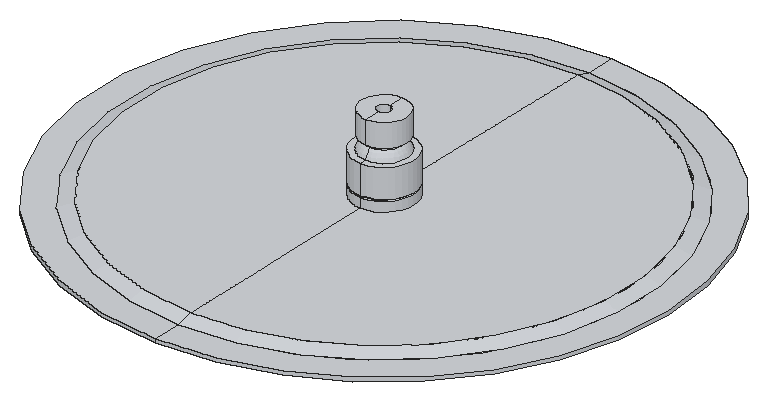
Revit family "BRG-GRF-DCH_ Briggs Reg. Red. Slim Inox Cr 30 cm", category Aparatos sanitarios, Revit 2020 (continued)
Definition of nested family "REJILLA"
  Forms (m)
    SweptBlend 111, solid
      end profile origin (-0.063, 0, -0.0445) x (-0.990268, 0.139173, 0) y (-0.139173, -0.990268, 0)
        loop
          circle (0, 0) r 0.0025
    SweptBlend 112, solid
      path origin (0.048509, 0.001347, 0) x (0.978148, 0.207912, 0) y (0, 0, 1)
        loop
          line (-0.110116, -0.047486) -> (-0.110116, -0.0445)
      profile origin (-0.059201, -0.021547, -0.047486) x (-0.978148, -0.207912, 0) y (0.207912, -0.978148, 0)
        loop
          circle (0, 0) r 0.0015
      end profile origin (-0.059201, -0.021547, -0.0445) x (-0.978148, -0.207912, 0) y (0.207912, -0.978148, 0)
        loop
          circle (0, 0) r 0.0025
    SweptBlend 113, solid
      path origin (0.045122, 0.017857, 0) x (0.848048, 0.529919, 0) y (0, 0, 1)
        loop
          line (-0.110116, -0.047486) -> (-0.110116, -0.0445)
      profile origin (-0.048261, -0.040496, -0.047486) x (-0.848048, -0.529919, 0) y (0.529919, -0.848048, 0)
        loop
          circle (0, 0) r 0.0015
      end profile origin (-0.048261, -0.040496, -0.0445) x (-0.848048, -0.529919, 0) y (0.529919, -0.848048, 0)
        loop
          circle (0, 0) r 0.0025
    SweptBlend 114, solid
      path origin (0.036294, 0.032213, 0) x (0.615661, 0.788011, 0) y (0, 0, 1)
        loop
          line (-0.110116, -0.047486) -> (-0.110116, -0.0445)
      profile origin (-0.0315, -0.05456, -0.047486) x (-0.615661, -0.788011, 0) y (0.788011, -0.615661, 0)
        loop
          circle (0, 0) r 0.0015
      end profile origin (-0.0315, -0.05456, -0.0445) x (-0.615661, -0.788011, 0) y (0.788011, -0.615661, 0)
        loop
          circle (0, 0) r 0.0025
    SweptBlend 115, solid
      path origin (0.023088, 0.042683, 0) x (0.309017, 0.951057, 0) y (0, 0, 1)
        loop
          line (-0.110116, -0.047486) -> (-0.110116, -0.0445)
      profile origin (-0.01094, -0.062043, -0.047486) x (-0.309017, -0.951057, 0) y (0.951057, -0.309017, 0)
        loop
          circle (0, 0) r 0.0015
      end profile origin (-0.01094, -0.062043, -0.0445) x (-0.309017, -0.951057, 0) y (0.951057, -0.309017, 0)
        loop
          circle (0, 0) r 0.0025
    SweptBlend 116, solid
      path origin (0.007097, 0.048006, 0) x (-0.034899, 0.999391, 0) y (0, 0, 1)
        loop
          line (-0.110116, -0.047486) -> (-0.110116, -0.0445)
      profile origin (0.01094, -0.062043, -0.047486) x (0.034899, -0.999391, 0) y (0.999391, 0.034899, 0)
        loop
          circle (0, 0) r 0.0015
      end profile origin (0.01094, -0.062043, -0.0445) x (0.034899, -0.999391, 0) y (0.999391, 0.034899, 0)
        loop
          circle (0, 0) r 0.0025
    SweptBlend 117, solid
      path origin (-0.00975, 0.047538, 0) x (-0.374607, 0.927184, 0) y (0, 0, 1)
        loop
          line (-0.110116, -0.047486) -> (-0.110116, -0.0445)
      profile origin (0.0315, -0.05456, -0.047486) x (0.374607, -0.927184, 0) y (0.927184, 0.374607, 0)
        loop
          circle (0, 0) r 0.0015
      end profile origin (0.0315, -0.05456, -0.0445) x (0.374607, -0.927184, 0) y (0.927184, 0.374607, 0)
        loop
          circle (0, 0) r 0.0025
    SweptBlend 118, solid
      path origin (-0.025421, 0.041336, 0) x (-0.669131, 0.743145, 0) y (0, 0, 1)
        loop
          line (-0.110116, -0.047486) -> (-0.110116, -0.0445)
      profile origin (0.048261, -0.040496, -0.047486) x (0.669131, -0.743145, 0) y (0.743145, 0.669131, 0)
        loop
          circle (0, 0) r 0.0015
      end profile origin (0.048261, -0.040496, -0.0445) x (0.669131, -0.743145, 0) y (0.743145, 0.669131, 0)
        loop
          circle (0, 0) r 0.0025
    SweptBlend 119, solid
      path origin (-0.038026, 0.030149, 0) x (-0.882948, 0.469472, 0) y (0, 0, 1)
        loop
          line (-0.110116, -0.047486) -> (-0.110116, -0.0445)
      profile origin (0.059201, -0.021547, -0.047486) x (0.882948, -0.469472, 0) y (0.469472, 0.882948, 0)
        loop
          circle (0, 0) r 0.0015
      end profile origin (0.059201, -0.021547, -0.0445) x (0.882948, -0.469472, 0) y (0.469472, 0.882948, 0)
        loop
          circle (0, 0) r 0.0025
    SweptBlend 120, solid
      path origin (-0.046044, 0.015325, 0) x (-0.990268, 0.139173, 0) y (0, 0, 1)
        loop
          line (-0.110116, -0.047486) -> (-0.110116, -0.0445)
      profile origin (0.063, 0, -0.047486) x (0.990268, -0.139173, 0) y (0.139173, 0.990268, 0)
        loop
          circle (0, 0) r 0.0015
      end profile origin (0.063, 0, -0.0445) x (0.990268, -0.139173, 0) y (0.139173, 0.990268, 0)
        loop
          circle (0, 0) r 0.0025
    SweptBlend 121, solid
      path origin (-0.048509, -0.001347, 0) x (-0.978148, -0.207912, 0) y (0, 0, 1)
        loop
          line (-0.110116, -0.047486) -> (-0.110116, -0.0445)
      profile origin (0.059201, 0.021547, -0.047486) x (0.978148, 0.207912, 0) y (-0.207912, 0.978148, 0)
        loop
          circle (0, 0) r 0.0015
      end profile origin (0.059201, 0.021547, -0.0445) x (0.978148, 0.207912, 0) y (-0.207912, 0.978148, 0)
        loop
          circle (0, 0) r 0.0025
    SweptBlend 122, solid
      path origin (-0.045122, -0.017857, 0) x (-0.848048, -0.529919, 0) y (0, 0, 1)
        loop
          line (-0.110116, -0.047486) -> (-0.110116, -0.0445)
      profile origin (0.048261, 0.040496, -0.047486) x (0.848048, 0.529919, 0) y (-0.529919, 0.848048, 0)
        loop
          circle (0, 0) r 0.0015
      end profile origin (0.048261, 0.040496, -0.0445) x (0.848048, 0.529919, 0) y (-0.529919, 0.848048, 0)
        loop
          circle (0, 0) r 0.0025
    SweptBlend 123, solid
      path origin (-0.084709, -0.022894, 0) x (-0.978148, -0.207912, 0) y (0, 0, 1)
        loop
          line (-0.110116, -0.047486) -> (-0.110116, -0.0445)
      profile origin (0.023, 0, -0.047486) x (0.978148, 0.207912, 0) y (-0.207912, 0.978148, 0)
        loop
          circle (0, 0) r 0.0015
      end profile origin (0.023, 0, -0.0445) x (0.978148, 0.207912, 0) y (-0.207912, 0.978148, 0)
        loop
          circle (0, 0) r 0.0025
    SweptBlend 124, solid
      path origin (0.062182, -0.061913, 0) x (0.669131, -0.743145, 0) y (0, 0, 1)
        loop
          line (-0.110116, -0.047486) -> (-0.110116, -0.0445)
      profile origin (-0.0115, 0.019919, -0.047486) x (-0.669131, 0.743145, 0) y (-0.743145, -0.669131, 0)
        loop
          circle (0, 0) r 0.0015
      end profile origin (-0.0115, 0.019919, -0.0445) x (-0.669131, 0.743145, 0) y (-0.743145, -0.669131, 0)
        loop
          circle (0, 0) r 0.0025
    SweptBlend 125, solid
      path origin (0.084709, 0.022894, 0) x (0.978148, 0.207912, 0) y (0, 0, 1)
        loop
          line (-0.110116, -0.047486) -> (-0.110116, -0.0445)
      profile origin (-0.023, 0, -0.047486) x (-0.978148, -0.207912, 0) y (0.207912, -0.978148, 0)
        loop
          circle (0, 0) r 0.0015
      end profile origin (-0.023, 0, -0.0445) x (-0.978148, -0.207912, 0) y (0.207912, -0.978148, 0)
        loop
          circle (0, 0) r 0.0025
    SweptBlend 126, solid
      path origin (0.022528, 0.084808, 0) x (0.309017, 0.951057, 0) y (0, 0, 1)
        loop
          line (-0.110116, -0.047486) -> (-0.110116, -0.0445)
      profile origin (-0.0115, -0.019919, -0.047486) x (-0.309017, -0.951057, 0) y (0.951057, -0.309017, 0)
        loop
          circle (0, 0) r 0.0015
      end profile origin (-0.0115, -0.019919, -0.0445) x (-0.309017, -0.951057, 0) y (0.951057, -0.309017, 0)
        loop
          circle (0, 0) r 0.0025
    SweptBlend 127, solid
      path origin (-0.062182, 0.061913, 0) x (-0.669131, 0.743145, 0) y (0, 0, 1)
        loop
          line (-0.110116, -0.047486) -> (-0.110116, -0.0445)
      profile origin (0.0115, -0.019919, -0.047486) x (0.669131, -0.743145, 0) y (0.743145, 0.669131, 0)
        loop
          circle (0, 0) r 0.0015
      end profile origin (0.0115, -0.019919, -0.0445) x (0.669131, -0.743145, 0) y (0.743145, 0.669131, 0)
        loop
          circle (0, 0) r 0.0025
  Dimensions and locks (m)
    plane 4 "_Alt_Altura de Meson" to level = 0.85 m
    "_ALT_Toma": plane 6 "_RP_Eje" to plane 2
    "_ALT_Meson": plane 4 "_Alt_Altura de Meson" to plane 2
    aligned and locked: level to plane 2
  Automatic sketch dimensions
    SweptBlend 3 sketch curve to SweptBlend 3 sketch curve = 0.002986 m
    SweptBlend 3 sketch curve to profile plane = 0.00 m  (x4)
    SweptBlend 4 sketch curve to SweptBlend 4 sketch curve = 0.002986 m
    SweptBlend 4 sketch curve to profile plane = 0.00 m  (x4)
    SweptBlend 5 sketch curve to SweptBlend 5 sketch curve = 0.002986 m
    SweptBlend 5 sketch curve to profile plane = 0.00 m  (x4)
    SweptBlend 6 sketch curve to SweptBlend 6 sketch curve = 0.002986 m
    SweptBlend 6 sketch curve to profile plane = 0.00 m  (x4)
    SweptBlend 7 sketch curve to SweptBlend 7 sketch curve = 0.002986 m
    SweptBlend 7 sketch curve to profile plane = 0.00 m  (x4)
    SweptBlend 8 sketch curve to SweptBlend 8 sketch curve = 0.002986 m
    SweptBlend 8 sketch curve to profile plane = 0.00 m  (x4)
    SweptBlend 9 sketch curve to SweptBlend 9 sketch curve = 0.002986 m
    SweptBlend 9 sketch curve to profile plane = 0.00 m  (x4)
    SweptBlend 10 sketch curve to SweptBlend 10 sketch curve = 0.002986 m
    SweptBlend 10 sketch curve to profile plane = 0.00 m  (x4)
    SweptBlend 11 sketch curve to SweptBlend 11 sketch curve = 0.002986 m
    SweptBlend 11 sketch curve to profile plane = 0.00 m  (x4)
    SweptBlend 12 sketch curve to SweptBlend 12 sketch curve = 0.002986 m
    SweptBlend 12 sketch curve to profile plane = 0.00 m  (x4)
    SweptBlend 13 sketch curve to SweptBlend 13 sketch curve = 0.002986 m
    SweptBlend 13 sketch curve to profile plane = 0.00 m  (x4)
    SweptBlend 14 sketch curve to SweptBlend 14 sketch curve = 0.002986 m
    SweptBlend 14 sketch curve to profile plane = 0.00 m  (x4)
    SweptBlend 15 sketch curve to SweptBlend 15 sketch curve = 0.002986 m
    SweptBlend 15 sketch curve to profile plane = 0.00 m  (x4)
    SweptBlend 16 sketch curve to SweptBlend 16 sketch curve = 0.002986 m
    SweptBlend 16 sketch curve to profile plane = 0.00 m  (x4)
    SweptBlend 17 sketch curve to SweptBlend 17 sketch curve = 0.002986 m
    SweptBlend 17 sketch curve to profile plane = 0.00 m  (x4)
    SweptBlend 18 sketch curve to SweptBlend 18 sketch curve = 0.002986 m
    SweptBlend 18 sketch curve to profile plane = 0.00 m  (x4)
    SweptBlend 19 sketch curve to SweptBlend 19 sketch curve = 0.002986 m
    SweptBlend 19 sketch curve to profile plane = 0.00 m  (x4)
    SweptBlend 20 sketch curve to SweptBlend 20 sketch curve = 0.002986 m
    SweptBlend 20 sketch curve to profile plane = 0.00 m  (x4)
    SweptBlend 21 sketch curve to SweptBlend 21 sketch curve = 0.002986 m
    SweptBlend 21 sketch curve to profile plane = 0.00 m  (x4)
    SweptBlend 22 sketch curve to SweptBlend 22 sketch curve = 0.002986 m
    SweptBlend 22 sketch curve to profile plane = 0.00 m  (x4)
    SweptBlend 23 sketch curve to SweptBlend 23 sketch curve = 0.002986 m
    SweptBlend 23 sketch curve to profile plane = 0.00 m  (x4)
    SweptBlend 24 sketch curve to SweptBlend 24 sketch curve = 0.002986 m
    SweptBlend 24 sketch curve to profile plane = 0.00 m  (x4)
    SweptBlend 25 sketch curve to SweptBlend 25 sketch curve = 0.002986 m
    SweptBlend 25 sketch curve to profile plane = 0.00 m  (x4)
    SweptBlend 26 sketch curve to SweptBlend 26 sketch curve = 0.002986 m
    SweptBlend 26 sketch curve to profile plane = 0.00 m  (x4)
    SweptBlend 27 sketch curve to SweptBlend 27 sketch curve = 0.002986 m
    SweptBlend 27 sketch curve to profile plane = 0.00 m  (x4)
    SweptBlend 28 sketch curve to SweptBlend 28 sketch curve = 0.002986 m
    SweptBlend 28 sketch curve to profile plane = 0.00 m  (x4)
    SweptBlend 29 sketch curve to SweptBlend 29 sketch curve = 0.002986 m
    SweptBlend 29 sketch curve to profile plane = 0.00 m  (x4)
    SweptBlend 30 sketch curve to SweptBlend 30 sketch curve = 0.002986 m
    SweptBlend 30 sketch curve to profile plane = 0.00 m  (x4)
    SweptBlend 31 sketch curve to SweptBlend 31 sketch curve = 0.002986 m
    SweptBlend 31 sketch curve to profile plane = 0.00 m  (x4)
    SweptBlend 32 sketch curve to SweptBlend 32 sketch curve = 0.002986 m
    SweptBlend 32 sketch curve to profile plane = 0.00 m  (x4)
    SweptBlend 33 sketch curve to SweptBlend 33 sketch curve = 0.002986 m
    SweptBlend 33 sketch curve to profile plane = 0.00 m  (x4)
    SweptBlend 34 sketch curve to SweptBlend 34 sketch curve = 0.002986 m
    SweptBlend 34 sketch curve to profile plane = 0.00 m  (x4)
    SweptBlend 35 sketch curve to SweptBlend 35 sketch curve = 0.002986 m
    SweptBlend 35 sketch curve to profile plane = 0.00 m  (x4)
    SweptBlend 36 sketch curve to SweptBlend 36 sketch curve = 0.002986 m
    SweptBlend 36 sketch curve to profile plane = 0.00 m  (x4)
    SweptBlend 37 sketch curve to SweptBlend 37 sketch curve = 0.002986 m
    SweptBlend 37 sketch curve to profile plane = 0.00 m  (x4)
    SweptBlend 38 sketch curve to SweptBlend 38 sketch curve = 0.002986 m
    profile plane to SweptBlend 38 sketch curve = 0.00 m  (x2)
    SweptBlend 38 sketch curve to profile plane = 0.00 m  (x2)
    SweptBlend 39 sketch curve to SweptBlend 39 sketch curve = 0.002986 m
    profile plane to SweptBlend 39 sketch curve = 0.00 m  (x2)
    SweptBlend 39 sketch curve to profile plane = 0.00 m  (x2)
    SweptBlend 40 sketch curve to SweptBlend 40 sketch curve = 0.002986 m
    profile plane to SweptBlend 40 sketch curve = 0.00 m  (x2)
    SweptBlend 40 sketch curve to profile plane = 0.00 m  (x2)
    SweptBlend 41 sketch curve to SweptBlend 41 sketch curve = 0.002986 m
    profile plane to SweptBlend 41 sketch curve = 0.00 m  (x2)
    SweptBlend 41 sketch curve to profile plane = 0.00 m  (x2)
    SweptBlend 42 sketch curve to SweptBlend 42 sketch curve = 0.002986 m
    profile plane to SweptBlend 42 sketch curve = 0.00 m  (x2)
    SweptBlend 42 sketch curve to profile plane = 0.00 m  (x2)
    SweptBlend 43 sketch curve to SweptBlend 43 sketch curve = 0.002986 m
    profile plane to SweptBlend 43 sketch curve = 0.00 m  (x2)
    SweptBlend 43 sketch curve to profile plane = 0.00 m  (x2)
    SweptBlend 44 sketch curve to SweptBlend 44 sketch curve = 0.002986 m
    profile plane to SweptBlend 44 sketch curve = 0.00 m  (x2)
    SweptBlend 44 sketch curve to profile plane = 0.00 m  (x2)
    SweptBlend 45 sketch curve to SweptBlend 45 sketch curve = 0.002986 m
    profile plane to SweptBlend 45 sketch curve = 0.00 m  (x2)
    SweptBlend 45 sketch curve to profile plane = 0.00 m  (x2)
    SweptBlend 46 sketch curve to SweptBlend 46 sketch curve = 0.002986 m
    profile plane to SweptBlend 46 sketch curve = 0.00 m  (x2)
    SweptBlend 46 sketch curve to profile plane = 0.00 m  (x2)
    SweptBlend 47 sketch curve to SweptBlend 47 sketch curve = 0.002986 m
    profile plane to SweptBlend 47 sketch curve = 0.00 m  (x2)
    SweptBlend 47 sketch curve to profile plane = 0.00 m  (x2)
    SweptBlend 48 sketch curve to SweptBlend 48 sketch curve = 0.002986 m
    profile plane to SweptBlend 48 sketch curve = 0.00 m  (x2)
    SweptBlend 48 sketch curve to profile plane = 0.00 m  (x2)
    SweptBlend 49 sketch curve to SweptBlend 49 sketch curve = 0.002986 m
    profile plane to SweptBlend 49 sketch curve = 0.00 m  (x2)
    SweptBlend 49 sketch curve to profile plane = 0.00 m  (x2)
    SweptBlend 50 sketch curve to SweptBlend 50 sketch curve = 0.002986 m
    profile plane to SweptBlend 50 sketch curve = 0.00 m  (x2)
    SweptBlend 50 sketch curve to profile plane = 0.00 m  (x2)
    SweptBlend 51 sketch curve to SweptBlend 51 sketch curve = 0.002986 m
    profile plane to SweptBlend 51 sketch curve = 0.00 m  (x2)
    SweptBlend 51 sketch curve to profile plane = 0.00 m  (x2)
    SweptBlend 52 sketch curve to SweptBlend 52 sketch curve = 0.002986 m
    profile plane to SweptBlend 52 sketch curve = 0.00 m  (x2)
    SweptBlend 52 sketch curve to profile plane = 0.00 m  (x2)
    SweptBlend 53 sketch curve to SweptBlend 53 sketch curve = 0.002986 m
    profile plane to SweptBlend 53 sketch curve = 0.00 m  (x2)
    SweptBlend 53 sketch curve to profile plane = 0.00 m  (x2)
    SweptBlend 54 sketch curve to SweptBlend 54 sketch curve = 0.002986 m
    profile plane to SweptBlend 54 sketch curve = 0.00 m  (x2)
    SweptBlend 54 sketch curve to profile plane = 0.00 m  (x2)
    SweptBlend 55 sketch curve to SweptBlend 55 sketch curve = 0.002986 m
    profile plane to SweptBlend 55 sketch curve = 0.00 m  (x2)
    SweptBlend 55 sketch curve to profile plane = 0.00 m  (x2)
    SweptBlend 56 sketch curve to SweptBlend 56 sketch curve = 0.002986 m
    profile plane to SweptBlend 56 sketch curve = 0.00 m  (x2)
    SweptBlend 56 sketch curve to profile plane = 0.00 m  (x2)
    SweptBlend 57 sketch curve to SweptBlend 57 sketch curve = 0.002986 m
    profile plane to SweptBlend 57 sketch curve = 0.00 m  (x2)
    SweptBlend 57 sketch curve to profile plane = 0.00 m  (x2)
    SweptBlend 58 sketch curve to SweptBlend 58 sketch curve = 0.002986 m
    profile plane to SweptBlend 58 sketch curve = 0.00 m  (x2)
    SweptBlend 58 sketch curve to profile plane = 0.00 m  (x2)
    SweptBlend 59 sketch curve to SweptBlend 59 sketch curve = 0.002986 m
    profile plane to SweptBlend 59 sketch curve = 0.00 m  (x2)
    SweptBlend 59 sketch curve to profile plane = 0.00 m  (x2)
    SweptBlend 60 sketch curve to SweptBlend 60 sketch curve = 0.002986 m
    profile plane to SweptBlend 60 sketch curve = 0.00 m  (x2)
    SweptBlend 60 sketch curve to profile plane = 0.00 m  (x2)
    SweptBlend 61 sketch curve to SweptBlend 61 sketch curve = 0.002986 m
    profile plane to SweptBlend 61 sketch curve = 0.00 m  (x2)
    SweptBlend 61 sketch curve to profile plane = 0.00 m  (x2)
    SweptBlend 62 sketch curve to SweptBlend 62 sketch curve = 0.002986 m
    profile plane to SweptBlend 62 sketch curve = 0.00 m  (x2)
    SweptBlend 62 sketch curve to profile plane = 0.00 m  (x2)
    SweptBlend 63 sketch curve to SweptBlend 63 sketch curve = 0.002986 m
    profile plane to SweptBlend 63 sketch curve = 0.00 m  (x2)
    SweptBlend 63 sketch curve to profile plane = 0.00 m  (x2)
    SweptBlend 64 sketch curve to SweptBlend 64 sketch curve = 0.002986 m
    profile plane to SweptBlend 64 sketch curve = 0.00 m  (x2)
    SweptBlend 64 sketch curve to profile plane = 0.00 m  (x2)
    SweptBlend 65 sketch curve to SweptBlend 65 sketch curve = 0.002986 m
    profile plane to SweptBlend 65 sketch curve = 0.00 m  (x2)
    SweptBlend 65 sketch curve to profile plane = 0.00 m  (x2)
    SweptBlend 66 sketch curve to SweptBlend 66 sketch curve = 0.002986 m
    profile plane to SweptBlend 66 sketch curve = 0.00 m  (x2)
    SweptBlend 66 sketch curve to profile plane = 0.00 m  (x2)
    SweptBlend 67 sketch curve to SweptBlend 67 sketch curve = 0.002986 m
    profile plane to SweptBlend 67 sketch curve = 0.00 m  (x2)
    SweptBlend 67 sketch curve to profile plane = 0.00 m  (x2)
    SweptBlend 68 sketch curve to SweptBlend 68 sketch curve = 0.002986 m
    profile plane to SweptBlend 68 sketch curve = 0.00 m  (x2)
    SweptBlend 68 sketch curve to profile plane = 0.00 m  (x2)
    SweptBlend 69 sketch curve to SweptBlend 69 sketch curve = 0.002986 m
    profile plane to SweptBlend 69 sketch curve = 0.00 m  (x2)
    SweptBlend 69 sketch curve to profile plane = 0.00 m  (x2)
    SweptBlend 70 sketch curve to SweptBlend 70 sketch curve = 0.002986 m
    profile plane to SweptBlend 70 sketch curve = 0.00 m  (x2)
    SweptBlend 70 sketch curve to profile plane = 0.00 m  (x2)
    SweptBlend 71 sketch curve to SweptBlend 71 sketch curve = 0.002986 m
    profile plane to SweptBlend 71 sketch curve = 0.00 m  (x2)
    SweptBlend 71 sketch curve to profile plane = 0.00 m  (x2)
    SweptBlend 72 sketch curve to SweptBlend 72 sketch curve = 0.002986 m
    profile plane to SweptBlend 72 sketch curve = 0.00 m  (x2)
    SweptBlend 72 sketch curve to profile plane = 0.00 m  (x2)
    SweptBlend 73 sketch curve to SweptBlend 73 sketch curve = 0.002986 m
    profile plane to SweptBlend 73 sketch curve = 0.00 m  (x2)
    SweptBlend 73 sketch curve to profile plane = 0.00 m  (x2)
    Revolve 1 sketch curve to plane 1 "Centro (Frontal/Posterior)" = 0.00 m  (x3)
    Revolve 1 sketch curve to level = 0.00 m
    Revolve 1 sketch curve to plane 1 "Centro (Frontal/Posterior)" = 0.0035 m
    Revolve 1 sketch curve to Revolve 1 sketch curve = 0.00575 m
    Revolve 1 sketch curve to Revolve 1 sketch curve = 0.0025 m
    Revolve 1 sketch curve to Revolve 1 sketch curve = 0.00275 m
    Revolve 1 sketch curve to plane 1 "Centro (Frontal/Posterior)" = 0.014314 m
    Revolve 1 sketch curve to Revolve 1 sketch curve = 0.001186 m  (x2)
    Revolve 1 sketch curve to level = 0.04 m
    Revolve 1 sketch curve to Revolve 1 sketch curve = 0.112 m
    Revolve 1 sketch curve to level = 0.0425 m
    Revolve 1 sketch curve to Revolve 1 sketch curve = 0.0075 m
    Revolve 1 sketch curve to Revolve 1 sketch curve = 0.015 m  (x2)
    Revolve 1 sketch curve to Revolve 1 sketch curve = 0.0045 m
    Revolve 1 sketch curve to Revolve 1 sketch curve = 0.005 m
    Revolve 1 sketch curve to Revolve 1 sketch curve = 0.001 m
    Revolve 1 sketch curve to Revolve 1 sketch curve = 0.0115 m
    Revolve 1 sketch curve to Revolve 1 sketch curve = 0.002092 m
    Revolve 1 sketch curve to level = 0.005 m
    level to Revolve 1 sketch curve = 0.115 m
    Revolve 1 sketch curve to Revolve 1 sketch curve = 0.05 m
    SweptBlend 2 sketch curve to level = 0.0445 m
    SweptBlend 2 sketch curve to SweptBlend 2 sketch curve = 0.002986 m
    profile plane to SweptBlend 2 sketch curve = 0.00 m  (x2)
    SweptBlend 2 sketch curve to profile plane = 0.00 m  (x2)
    SweptBlend 74 sketch curve to SweptBlend 74 sketch curve = 0.002986 m
    profile plane to SweptBlend 74 sketch curve = 0.00 m  (x2)
    SweptBlend 74 sketch curve to profile plane = 0.00 m  (x2)
    SweptBlend 75 sketch curve to SweptBlend 75 sketch curve = 0.002986 m
    profile plane to SweptBlend 75 sketch curve = 0.00 m  (x2)
    SweptBlend 75 sketch curve to profile plane = 0.00 m  (x2)
    SweptBlend 76 sketch curve to SweptBlend 76 sketch curve = 0.002986 m
    profile plane to SweptBlend 76 sketch curve = 0.00 m  (x2)
    SweptBlend 76 sketch curve to profile plane = 0.00 m  (x2)
    SweptBlend 77 sketch curve to SweptBlend 77 sketch curve = 0.002986 m
    profile plane to SweptBlend 77 sketch curve = 0.00 m  (x2)
    SweptBlend 77 sketch curve to profile plane = 0.00 m  (x2)
    SweptBlend 78 sketch curve to SweptBlend 78 sketch curve = 0.002986 m
    profile plane to SweptBlend 78 sketch curve = 0.00 m  (x2)
    SweptBlend 78 sketch curve to profile plane = 0.00 m  (x2)
    SweptBlend 79 sketch curve to SweptBlend 79 sketch curve = 0.002986 m
    profile plane to SweptBlend 79 sketch curve = 0.00 m  (x2)
    SweptBlend 79 sketch curve to profile plane = 0.00 m  (x2)
    SweptBlend 80 sketch curve to SweptBlend 80 sketch curve = 0.002986 m
    profile plane to SweptBlend 80 sketch curve = 0.00 m  (x2)
    SweptBlend 80 sketch curve to profile plane = 0.00 m  (x2)
    SweptBlend 81 sketch curve to SweptBlend 81 sketch curve = 0.002986 m
    profile plane to SweptBlend 81 sketch curve = 0.00 m  (x2)
    SweptBlend 81 sketch curve to profile plane = 0.00 m  (x2)
    SweptBlend 82 sketch curve to SweptBlend 82 sketch curve = 0.002986 m
    profile plane to SweptBlend 82 sketch curve = 0.00 m  (x2)
    SweptBlend 82 sketch curve to profile plane = 0.00 m  (x2)
    SweptBlend 83 sketch curve to SweptBlend 83 sketch curve = 0.002986 m
    profile plane to SweptBlend 83 sketch curve = 0.00 m  (x2)
    SweptBlend 83 sketch curve to profile plane = 0.00 m  (x2)
    SweptBlend 84 sketch curve to SweptBlend 84 sketch curve = 0.002986 m
    profile plane to SweptBlend 84 sketch curve = 0.00 m  (x2)
    SweptBlend 84 sketch curve to profile plane = 0.00 m  (x2)
    SweptBlend 85 sketch curve to SweptBlend 85 sketch curve = 0.002986 m
    profile plane to SweptBlend 85 sketch curve = 0.00 m  (x2)
    SweptBlend 85 sketch curve to profile plane = 0.00 m  (x2)
    SweptBlend 86 sketch curve to SweptBlend 86 sketch curve = 0.002986 m
    profile plane to SweptBlend 86 sketch curve = 0.00 m  (x2)
    SweptBlend 86 sketch curve to profile plane = 0.00 m  (x2)
    SweptBlend 87 sketch curve to SweptBlend 87 sketch curve = 0.002986 m
    profile plane to SweptBlend 87 sketch curve = 0.00 m  (x2)
    SweptBlend 87 sketch curve to profile plane = 0.00 m  (x2)
    SweptBlend 88 sketch curve to SweptBlend 88 sketch curve = 0.002986 m
    profile plane to SweptBlend 88 sketch curve = 0.00 m  (x2)
    SweptBlend 88 sketch curve to profile plane = 0.00 m  (x2)
    SweptBlend 89 sketch curve to SweptBlend 89 sketch curve = 0.002986 m
    profile plane to SweptBlend 89 sketch curve = 0.00 m  (x2)
    SweptBlend 89 sketch curve to profile plane = 0.00 m  (x2)
    SweptBlend 90 sketch curve to SweptBlend 90 sketch curve = 0.002986 m
    profile plane to SweptBlend 90 sketch curve = 0.00 m  (x2)
    SweptBlend 90 sketch curve to profile plane = 0.00 m  (x2)
    SweptBlend 91 sketch curve to SweptBlend 91 sketch curve = 0.002986 m
    profile plane to SweptBlend 91 sketch curve = 0.00 m  (x2)
    SweptBlend 91 sketch curve to profile plane = 0.00 m  (x2)
    SweptBlend 92 sketch curve to SweptBlend 92 sketch curve = 0.002986 m
    profile plane to SweptBlend 92 sketch curve = 0.00 m  (x2)
    SweptBlend 92 sketch curve to profile plane = 0.00 m  (x2)
    SweptBlend 93 sketch curve to SweptBlend 93 sketch curve = 0.002986 m
    profile plane to SweptBlend 93 sketch curve = 0.00 m  (x2)
    SweptBlend 93 sketch curve to profile plane = 0.00 m  (x2)
    SweptBlend 94 sketch curve to SweptBlend 94 sketch curve = 0.002986 m
    profile plane to SweptBlend 94 sketch curve = 0.00 m  (x2)
    SweptBlend 94 sketch curve to profile plane = 0.00 m  (x2)
    SweptBlend 95 sketch curve to SweptBlend 95 sketch curve = 0.002986 m
    profile plane to SweptBlend 95 sketch curve = 0.00 m  (x2)
    SweptBlend 95 sketch curve to profile plane = 0.00 m  (x2)
    SweptBlend 96 sketch curve to SweptBlend 96 sketch curve = 0.002986 m
    profile plane to SweptBlend 96 sketch curve = 0.00 m  (x2)
    SweptBlend 96 sketch curve to profile plane = 0.00 m  (x2)
    SweptBlend 97 sketch curve to SweptBlend 97 sketch curve = 0.002986 m
    profile plane to SweptBlend 97 sketch curve = 0.00 m  (x2)
    SweptBlend 97 sketch curve to profile plane = 0.00 m  (x2)
    SweptBlend 98 sketch curve to SweptBlend 98 sketch curve = 0.002986 m
    profile plane to SweptBlend 98 sketch curve = 0.00 m  (x2)
    SweptBlend 98 sketch curve to profile plane = 0.00 m  (x2)
    SweptBlend 99 sketch curve to SweptBlend 99 sketch curve = 0.002986 m
    profile plane to SweptBlend 99 sketch curve = 0.00 m  (x2)
    SweptBlend 99 sketch curve to profile plane = 0.00 m  (x2)
    SweptBlend 100 sketch curve to SweptBlend 100 sketch curve = 0.002986 m
    profile plane to SweptBlend 100 sketch curve = 0.00 m  (x2)
    SweptBlend 100 sketch curve to profile plane = 0.00 m  (x2)
    SweptBlend 101 sketch curve to SweptBlend 101 sketch curve = 0.002986 m
    profile plane to SweptBlend 101 sketch curve = 0.00 m  (x2)
    SweptBlend 101 sketch curve to profile plane = 0.00 m  (x2)
    SweptBlend 102 sketch curve to SweptBlend 102 sketch curve = 0.002986 m
    profile plane to SweptBlend 102 sketch curve = 0.00 m  (x2)
    SweptBlend 102 sketch curve to profile plane = 0.00 m  (x2)
    SweptBlend 103 sketch curve to SweptBlend 103 sketch curve = 0.002986 m
    profile plane to SweptBlend 103 sketch curve = 0.00 m  (x2)
    SweptBlend 103 sketch curve to profile plane = 0.00 m  (x2)
    SweptBlend 104 sketch curve to SweptBlend 104 sketch curve = 0.002986 m
    profile plane to SweptBlend 104 sketch curve = 0.00 m  (x2)
    SweptBlend 104 sketch curve to profile plane = 0.00 m  (x2)
    SweptBlend 105 sketch curve to SweptBlend 105 sketch curve = 0.002986 m
    profile plane to SweptBlend 105 sketch curve = 0.00 m  (x2)
    SweptBlend 105 sketch curve to profile plane = 0.00 m  (x2)
    SweptBlend 106 sketch curve to SweptBlend 106 sketch curve = 0.002986 m
    profile plane to SweptBlend 106 sketch curve = 0.00 m  (x2)
    SweptBlend 106 sketch curve to profile plane = 0.00 m  (x2)
    SweptBlend 107 sketch curve to SweptBlend 107 sketch curve = 0.002986 m
    profile plane to SweptBlend 107 sketch curve = 0.00 m  (x2)
    SweptBlend 107 sketch curve to profile plane = 0.00 m  (x2)
    SweptBlend 108 sketch curve to SweptBlend 108 sketch curve = 0.002986 m
    profile plane to SweptBlend 108 sketch curve = 0.00 m  (x2)
    SweptBlend 108 sketch curve to profile plane = 0.00 m  (x2)
    SweptBlend 109 sketch curve to SweptBlend 109 sketch curve = 0.002986 m
    profile plane to SweptBlend 109 sketch curve = 0.00 m  (x2)
    SweptBlend 109 sketch curve to profile plane = 0.00 m  (x2)
    SweptBlend 110 sketch curve to SweptBlend 110 sketch curve = 0.002986 m
    profile plane to SweptBlend 110 sketch curve = 0.00 m  (x2)
    SweptBlend 110 sketch curve to profile plane = 0.00 m  (x2)
    SweptBlend 111 sketch curve to SweptBlend 111 sketch curve = 0.002986 m
    profile plane to SweptBlend 111 sketch curve = 0.00 m  (x2)
    SweptBlend 111 sketch curve to profile plane = 0.00 m  (x2)
    SweptBlend 112 sketch curve to SweptBlend 112 sketch curve = 0.002986 m
    profile plane to SweptBlend 112 sketch curve = 0.00 m  (x2)
    SweptBlend 112 sketch curve to profile plane = 0.00 m  (x2)
    SweptBlend 113 sketch curve to SweptBlend 113 sketch curve = 0.002986 m
    profile plane to SweptBlend 113 sketch curve = 0.00 m  (x2)
    SweptBlend 113 sketch curve to profile plane = 0.00 m  (x2)
    SweptBlend 114 sketch curve to SweptBlend 114 sketch curve = 0.002986 m
    profile plane to SweptBlend 114 sketch curve = 0.00 m  (x2)
    SweptBlend 114 sketch curve to profile plane = 0.00 m  (x2)
    SweptBlend 115 sketch curve to SweptBlend 115 sketch curve = 0.002986 m
    profile plane to SweptBlend 115 sketch curve = 0.00 m  (x2)
    SweptBlend 115 sketch curve to profile plane = 0.00 m  (x2)
    SweptBlend 116 sketch curve to SweptBlend 116 sketch curve = 0.002986 m
    profile plane to SweptBlend 116 sketch curve = 0.00 m  (x2)
    SweptBlend 116 sketch curve to profile plane = 0.00 m  (x2)
    SweptBlend 117 sketch curve to SweptBlend 117 sketch curve = 0.002986 m
    profile plane to SweptBlend 117 sketch curve = 0.00 m  (x2)
    SweptBlend 117 sketch curve to profile plane = 0.00 m  (x2)
    SweptBlend 118 sketch curve to SweptBlend 118 sketch curve = 0.002986 m
    profile plane to SweptBlend 118 sketch curve = 0.00 m  (x2)
    SweptBlend 118 sketch curve to profile plane = 0.00 m  (x2)
    SweptBlend 119 sketch curve to SweptBlend 119 sketch curve = 0.002986 m
    profile plane to SweptBlend 119 sketch curve = 0.00 m  (x2)
    SweptBlend 119 sketch curve to profile plane = 0.00 m  (x2)
    SweptBlend 120 sketch curve to SweptBlend 120 sketch curve = 0.002986 m
    profile plane to SweptBlend 120 sketch curve = 0.00 m  (x2)
    SweptBlend 120 sketch curve to profile plane = 0.00 m  (x2)
    SweptBlend 121 sketch curve to SweptBlend 121 sketch curve = 0.002986 m
    profile plane to SweptBlend 121 sketch curve = 0.00 m  (x2)
    SweptBlend 121 sketch curve to profile plane = 0.00 m  (x2)
    SweptBlend 122 sketch curve to SweptBlend 122 sketch curve = 0.002986 m
    profile plane to SweptBlend 122 sketch curve = 0.00 m  (x2)
    SweptBlend 122 sketch curve to profile plane = 0.00 m  (x2)
    SweptBlend 123 sketch curve to SweptBlend 123 sketch curve = 0.002986 m
    profile plane to SweptBlend 123 sketch curve = 0.00 m  (x2)
    SweptBlend 123 sketch curve to profile plane = 0.00 m  (x2)
    SweptBlend 124 sketch curve to SweptBlend 124 sketch curve = 0.002986 m
    profile plane to SweptBlend 124 sketch curve = 0.00 m  (x2)
    SweptBlend 124 sketch curve to profile plane = 0.00 m  (x2)
    SweptBlend 125 sketch curve to SweptBlend 125 sketch curve = 0.002986 m
    profile plane to SweptBlend 125 sketch curve = 0.00 m  (x2)
    SweptBlend 125 sketch curve to profile plane = 0.00 m  (x2)
    SweptBlend 126 sketch curve to SweptBlend 126 sketch curve = 0.002986 m
    profile plane to SweptBlend 126 sketch curve = 0.00 m  (x2)
    SweptBlend 126 sketch curve to profile plane = 0.00 m  (x2)
    SweptBlend 127 sketch curve to SweptBlend 127 sketch curve = 0.002986 m
    profile plane to SweptBlend 127 sketch curve = 0.00 m  (x2)
    SweptBlend 127 sketch curve to profile plane = 0.00 m  (x2)
    SweptBlend 3 sketch curve to level = 0.0445 m
    SweptBlend 4 sketch curve to level = 0.0445 m
    SweptBlend 5 sketch curve to level = 0.0445 m
    SweptBlend 6 sketch curve to level = 0.0445 m
    SweptBlend 7 sketch curve to level = 0.0445 m
    SweptBlend 8 sketch curve to level = 0.0445 m
    SweptBlend 9 sketch curve to level = 0.0445 m
    SweptBlend 10 sketch curve to level = 0.0445 m
    SweptBlend 11 sketch curve to level = 0.0445 m
    SweptBlend 12 sketch curve to level = 0.0445 m
    SweptBlend 13 sketch curve to level = 0.0445 m
    SweptBlend 14 sketch curve to level = 0.0445 m
    SweptBlend 15 sketch curve to level = 0.0445 m
    SweptBlend 16 sketch curve to level = 0.0445 m
    SweptBlend 17 sketch curve to level = 0.0445 m
    SweptBlend 18 sketch curve to level = 0.0445 m
    SweptBlend 19 sketch curve to level = 0.0445 m
    SweptBlend 20 sketch curve to level = 0.0445 m
    SweptBlend 21 sketch curve to level = 0.0445 m
    SweptBlend 22 sketch curve to level = 0.0445 m
    SweptBlend 23 sketch curve to level = 0.0445 m
    SweptBlend 24 sketch curve to level = 0.0445 m
    SweptBlend 25 sketch curve to level = 0.0445 m
    SweptBlend 26 sketch curve to level = 0.0445 m
    SweptBlend 27 sketch curve to level = 0.0445 m
    SweptBlend 28 sketch curve to level = 0.0445 m
    SweptBlend 29 sketch curve to level = 0.0445 m
    SweptBlend 30 sketch curve to level = 0.0445 m
    SweptBlend 31 sketch curve to level = 0.0445 m
    SweptBlend 32 sketch curve to level = 0.0445 m
    SweptBlend 33 sketch curve to level = 0.0445 m
    SweptBlend 34 sketch curve to level = 0.0445 m
    SweptBlend 35 sketch curve to level = 0.0445 m
    SweptBlend 36 sketch curve to level = 0.0445 m
    SweptBlend 37 sketch curve to level = 0.0445 m
    SweptBlend 38 sketch curve to level = 0.0445 m
    SweptBlend 40 sketch curve to level = 0.0445 m
    SweptBlend 41 sketch curve to level = 0.0445 m
    SweptBlend 42 sketch curve to level = 0.0445 m
    SweptBlend 43 sketch curve to level = 0.0445 m
    SweptBlend 44 sketch curve to level = 0.0445 m
    SweptBlend 45 sketch curve to level = 0.0445 m
    SweptBlend 46 sketch curve to level = 0.0445 m
    SweptBlend 47 sketch curve to level = 0.0445 m
    SweptBlend 48 sketch curve to level = 0.0445 m
    SweptBlend 49 sketch curve to level = 0.0445 m
    SweptBlend 50 sketch curve to level = 0.0445 m
    SweptBlend 51 sketch curve to level = 0.0445 m
    SweptBlend 52 sketch curve to level = 0.0445 m
    SweptBlend 53 sketch curve to level = 0.0445 m
    SweptBlend 54 sketch curve to level = 0.0445 m
    SweptBlend 55 sketch curve to level = 0.0445 m
    SweptBlend 56 sketch curve to level = 0.0445 m
    SweptBlend 57 sketch curve to level = 0.0445 m
    SweptBlend 58 sketch curve to level = 0.0445 m
    SweptBlend 59 sketch curve to level = 0.0445 m
    SweptBlend 60 sketch curve to level = 0.0445 m
    SweptBlend 61 sketch curve to level = 0.0445 m
    SweptBlend 62 sketch curve to level = 0.0445 m
    SweptBlend 75 sketch curve to level = 0.0445 m
    SweptBlend 106 sketch curve to level = 0.0445 m
    SweptBlend 107 sketch curve to level = 0.0445 m
    SweptBlend 108 sketch curve to level = 0.0445 m
    SweptBlend 109 sketch curve to level = 0.0445 m
    SweptBlend 110 sketch curve to level = 0.0445 m
    SweptBlend 111 sketch curve to level = 0.0445 m
    SweptBlend 112 sketch curve to level = 0.0445 m
    SweptBlend 113 sketch curve to level = 0.0445 m
    SweptBlend 114 sketch curve to level = 0.0445 m
    SweptBlend 115 sketch curve to level = 0.0445 m
    SweptBlend 116 sketch curve to level = 0.0445 m
    SweptBlend 117 sketch curve to level = 0.0445 m
    SweptBlend 118 sketch curve to level = 0.0445 m
    SweptBlend 119 sketch curve to level = 0.0445 m
    SweptBlend 120 sketch curve to level = 0.0445 m
    SweptBlend 121 sketch curve to level = 0.0445 m
    SweptBlend 122 sketch curve to level = 0.0445 m
    SweptBlend 39 sketch curve to level = 0.0445 m
    SweptBlend 63 sketch curve to level = 0.0445 m
    SweptBlend 64 sketch curve to level = 0.0445 m
    SweptBlend 65 sketch curve to level = 0.0445 m
    SweptBlend 66 sketch curve to level = 0.0445 m
    SweptBlend 67 sketch curve to level = 0.0445 m
    SweptBlend 68 sketch curve to level = 0.0445 m
    SweptBlend 69 sketch curve to level = 0.0445 m
    SweptBlend 70 sketch curve to level = 0.0445 m
    SweptBlend 71 sketch curve to level = 0.0445 m
    SweptBlend 72 sketch curve to level = 0.0445 m
    SweptBlend 73 sketch curve to level = 0.0445 m
    SweptBlend 76 sketch curve to level = 0.0445 m
    SweptBlend 123 sketch curve to level = 0.0445 m
    SweptBlend 124 sketch curve to level = 0.0445 m
    SweptBlend 125 sketch curve to level = 0.0445 m
    SweptBlend 126 sketch curve to level = 0.0445 m
    SweptBlend 127 sketch curve to level = 0.0445 m
    radius of SweptBlend 3 sketch curve = 0.0015 m
    radius of SweptBlend 3 sketch curve = 0.0025 m
    radius of SweptBlend 4 sketch curve = 0.0015 m
    radius of SweptBlend 4 sketch curve = 0.0025 m
    radius of SweptBlend 5 sketch curve = 0.0015 m
    radius of SweptBlend 5 sketch curve = 0.0025 m
    radius of SweptBlend 6 sketch curve = 0.0015 m
    radius of SweptBlend 6 sketch curve = 0.0025 m
    radius of SweptBlend 7 sketch curve = 0.0015 m
    radius of SweptBlend 7 sketch curve = 0.0025 m
    radius of SweptBlend 8 sketch curve = 0.0015 m
    radius of SweptBlend 8 sketch curve = 0.0025 m
    radius of SweptBlend 9 sketch curve = 0.0015 m
    radius of SweptBlend 9 sketch curve = 0.0025 m
    radius of SweptBlend 10 sketch curve = 0.0015 m
    radius of SweptBlend 10 sketch curve = 0.0025 m
    radius of SweptBlend 11 sketch curve = 0.0015 m
    radius of SweptBlend 11 sketch curve = 0.0025 m
    radius of SweptBlend 12 sketch curve = 0.0015 m
    radius of SweptBlend 12 sketch curve = 0.0025 m
    radius of SweptBlend 13 sketch curve = 0.0015 m
    radius of SweptBlend 13 sketch curve = 0.0025 m
    radius of SweptBlend 14 sketch curve = 0.0015 m
    radius of SweptBlend 14 sketch curve = 0.0025 m
    radius of SweptBlend 15 sketch curve = 0.0015 m
    radius of SweptBlend 15 sketch curve = 0.0025 m
    radius of SweptBlend 16 sketch curve = 0.0015 m
    radius of SweptBlend 16 sketch curve = 0.0025 m
    radius of SweptBlend 17 sketch curve = 0.0015 m
    radius of SweptBlend 17 sketch curve = 0.0025 m
    radius of SweptBlend 18 sketch curve = 0.0015 m
    radius of SweptBlend 18 sketch curve = 0.0025 m
    radius of SweptBlend 19 sketch curve = 0.0015 m
    radius of SweptBlend 19 sketch curve = 0.0025 m
    radius of SweptBlend 20 sketch curve = 0.0015 m
    radius of SweptBlend 20 sketch curve = 0.0025 m
    radius of SweptBlend 21 sketch curve = 0.0015 m
    radius of SweptBlend 21 sketch curve = 0.0025 m
    radius of SweptBlend 22 sketch curve = 0.0015 m
    radius of SweptBlend 22 sketch curve = 0.0025 m
    radius of SweptBlend 23 sketch curve = 0.0015 m
    radius of SweptBlend 23 sketch curve = 0.0025 m
    radius of SweptBlend 24 sketch curve = 0.0015 m
    radius of SweptBlend 24 sketch curve = 0.0025 m
    radius of SweptBlend 25 sketch curve = 0.0015 m
    radius of SweptBlend 25 sketch curve = 0.0025 m
    radius of SweptBlend 26 sketch curve = 0.0015 m
    radius of SweptBlend 26 sketch curve = 0.0025 m
    radius of SweptBlend 27 sketch curve = 0.0015 m
    radius of SweptBlend 27 sketch curve = 0.0025 m
    radius of SweptBlend 28 sketch curve = 0.0015 m
    radius of SweptBlend 28 sketch curve = 0.0025 m
    radius of SweptBlend 29 sketch curve = 0.0015 m
    radius of SweptBlend 29 sketch curve = 0.0025 m
    radius of SweptBlend 30 sketch curve = 0.0015 m
    radius of SweptBlend 30 sketch curve = 0.0025 m
    radius of SweptBlend 31 sketch curve = 0.0015 m
    radius of SweptBlend 31 sketch curve = 0.0025 m
    radius of SweptBlend 32 sketch curve = 0.0015 m
    radius of SweptBlend 32 sketch curve = 0.0025 m
    radius of SweptBlend 33 sketch curve = 0.0015 m
    radius of SweptBlend 33 sketch curve = 0.0025 m
    radius of SweptBlend 34 sketch curve = 0.0015 m
    radius of SweptBlend 34 sketch curve = 0.0025 m
    radius of SweptBlend 35 sketch curve = 0.0015 m
    radius of SweptBlend 35 sketch curve = 0.0025 m
    radius of SweptBlend 36 sketch curve = 0.0015 m
    radius of SweptBlend 36 sketch curve = 0.0025 m
    radius of SweptBlend 37 sketch curve = 0.0015 m
    radius of SweptBlend 37 sketch curve = 0.0025 m
    radius of SweptBlend 38 sketch curve = 0.0015 m
    radius of SweptBlend 38 sketch curve = 0.0025 m
    radius of SweptBlend 39 sketch curve = 0.0015 m
    radius of SweptBlend 39 sketch curve = 0.0025 m
    radius of SweptBlend 40 sketch curve = 0.0015 m
    radius of SweptBlend 40 sketch curve = 0.0025 m
    radius of SweptBlend 41 sketch curve = 0.0015 m
    radius of SweptBlend 41 sketch curve = 0.0025 m
    radius of SweptBlend 42 sketch curve = 0.0015 m
    radius of SweptBlend 42 sketch curve = 0.0025 m
    radius of SweptBlend 43 sketch curve = 0.0015 m
    radius of SweptBlend 43 sketch curve = 0.0025 m
    radius of SweptBlend 44 sketch curve = 0.0015 m
    radius of SweptBlend 44 sketch curve = 0.0025 m
    radius of SweptBlend 45 sketch curve = 0.0015 m
    radius of SweptBlend 45 sketch curve = 0.0025 m
    radius of SweptBlend 46 sketch curve = 0.0015 m
    radius of SweptBlend 46 sketch curve = 0.0025 m
    radius of SweptBlend 47 sketch curve = 0.0015 m
    radius of SweptBlend 47 sketch curve = 0.0025 m
    radius of SweptBlend 48 sketch curve = 0.0015 m
    radius of SweptBlend 48 sketch curve = 0.0025 m
    radius of SweptBlend 49 sketch curve = 0.0015 m
    radius of SweptBlend 49 sketch curve = 0.0025 m
    radius of SweptBlend 50 sketch curve = 0.0015 m
    radius of SweptBlend 50 sketch curve = 0.0025 m
    radius of SweptBlend 51 sketch curve = 0.0015 m
    radius of SweptBlend 51 sketch curve = 0.0025 m
    radius of SweptBlend 52 sketch curve = 0.0015 m
    radius of SweptBlend 52 sketch curve = 0.0025 m
    radius of SweptBlend 53 sketch curve = 0.0015 m
    radius of SweptBlend 53 sketch curve = 0.0025 m
    radius of SweptBlend 54 sketch curve = 0.0015 m
    radius of SweptBlend 54 sketch curve = 0.0025 m
    radius of SweptBlend 55 sketch curve = 0.0015 m
    radius of SweptBlend 55 sketch curve = 0.0025 m
    radius of SweptBlend 56 sketch curve = 0.0015 m
    radius of SweptBlend 56 sketch curve = 0.0025 m
    radius of SweptBlend 57 sketch curve = 0.0015 m
    radius of SweptBlend 57 sketch curve = 0.0025 m
    radius of SweptBlend 58 sketch curve = 0.0015 m
    radius of SweptBlend 58 sketch curve = 0.0025 m
    radius of SweptBlend 59 sketch curve = 0.0015 m
    radius of SweptBlend 59 sketch curve = 0.0025 m
    radius of SweptBlend 60 sketch curve = 0.0015 m
    radius of SweptBlend 60 sketch curve = 0.0025 m
    radius of SweptBlend 61 sketch curve = 0.0015 m
    radius of SweptBlend 61 sketch curve = 0.0025 m
    radius of SweptBlend 62 sketch curve = 0.0015 m
    radius of SweptBlend 62 sketch curve = 0.0025 m
    radius of SweptBlend 63 sketch curve = 0.0015 m
    radius of SweptBlend 63 sketch curve = 0.0025 m
    radius of SweptBlend 64 sketch curve = 0.0015 m
    radius of SweptBlend 64 sketch curve = 0.0025 m
    radius of SweptBlend 65 sketch curve = 0.0015 m
    radius of SweptBlend 65 sketch curve = 0.0025 m
    radius of SweptBlend 66 sketch curve = 0.0015 m
    radius of SweptBlend 66 sketch curve = 0.0025 m
    radius of SweptBlend 67 sketch curve = 0.0015 m
    radius of SweptBlend 67 sketch curve = 0.0025 m
    radius of SweptBlend 68 sketch curve = 0.0015 m
    radius of SweptBlend 68 sketch curve = 0.0025 m
    radius of SweptBlend 69 sketch curve = 0.0015 m
    radius of SweptBlend 69 sketch curve = 0.0025 m
    radius of SweptBlend 70 sketch curve = 0.0015 m
    radius of SweptBlend 70 sketch curve = 0.0025 m
    radius of SweptBlend 71 sketch curve = 0.0015 m
    radius of SweptBlend 71 sketch curve = 0.0025 m
    radius of SweptBlend 72 sketch curve = 0.0015 m
    radius of SweptBlend 72 sketch curve = 0.0025 m
    radius of SweptBlend 73 sketch curve = 0.0015 m
    radius of SweptBlend 73 sketch curve = 0.0025 m
    radius of SweptBlend 2 sketch curve = 0.0015 m
    radius of SweptBlend 2 sketch curve = 0.0025 m
    radius of SweptBlend 74 sketch curve = 0.0015 m
    radius of SweptBlend 74 sketch curve = 0.0025 m
    radius of SweptBlend 75 sketch curve = 0.0015 m
    radius of SweptBlend 75 sketch curve = 0.0025 m
    radius of SweptBlend 76 sketch curve = 0.0015 m
    radius of SweptBlend 76 sketch curve = 0.0025 m
    radius of SweptBlend 77 sketch curve = 0.0015 m
    radius of SweptBlend 77 sketch curve = 0.0025 m
    radius of SweptBlend 78 sketch curve = 0.0015 m
    radius of SweptBlend 78 sketch curve = 0.0025 m
    radius of SweptBlend 79 sketch curve = 0.0015 m
    radius of SweptBlend 79 sketch curve = 0.0025 m
    radius of SweptBlend 80 sketch curve = 0.0015 m
    radius of SweptBlend 80 sketch curve = 0.0025 m
    radius of SweptBlend 81 sketch curve = 0.0015 m
    radius of SweptBlend 81 sketch curve = 0.0025 m
    radius of SweptBlend 82 sketch curve = 0.0015 m
    radius of SweptBlend 82 sketch curve = 0.0025 m
    radius of SweptBlend 83 sketch curve = 0.0015 m
    radius of SweptBlend 83 sketch curve = 0.0025 m
    radius of SweptBlend 84 sketch curve = 0.0015 m
    radius of SweptBlend 84 sketch curve = 0.0025 m
    radius of SweptBlend 85 sketch curve = 0.0015 m
    radius of SweptBlend 85 sketch curve = 0.0025 m
    radius of SweptBlend 86 sketch curve = 0.0015 m
    radius of SweptBlend 86 sketch curve = 0.0025 m
    radius of SweptBlend 87 sketch curve = 0.0015 m
    radius of SweptBlend 87 sketch curve = 0.0025 m
    radius of SweptBlend 88 sketch curve = 0.0015 m
    radius of SweptBlend 88 sketch curve = 0.0025 m
    radius of SweptBlend 89 sketch curve = 0.0015 m
    radius of SweptBlend 89 sketch curve = 0.0025 m
    radius of SweptBlend 90 sketch curve = 0.0015 m
    radius of SweptBlend 90 sketch curve = 0.0025 m
    radius of SweptBlend 91 sketch curve = 0.0015 m
    radius of SweptBlend 91 sketch curve = 0.0025 m
    radius of SweptBlend 92 sketch curve = 0.0015 m
    radius of SweptBlend 92 sketch curve = 0.0025 m
    radius of SweptBlend 93 sketch curve = 0.0015 m
    radius of SweptBlend 93 sketch curve = 0.0025 m
    radius of SweptBlend 94 sketch curve = 0.0015 m
    radius of SweptBlend 94 sketch curve = 0.0025 m
    radius of SweptBlend 95 sketch curve = 0.0015 m
    radius of SweptBlend 95 sketch curve = 0.0025 m
    radius of SweptBlend 96 sketch curve = 0.0015 m
    radius of SweptBlend 96 sketch curve = 0.0025 m
    radius of SweptBlend 97 sketch curve = 0.0015 m
    radius of SweptBlend 97 sketch curve = 0.0025 m
    radius of SweptBlend 98 sketch curve = 0.0015 m
    radius of SweptBlend 98 sketch curve = 0.0025 m
    radius of SweptBlend 99 sketch curve = 0.0015 m
    radius of SweptBlend 99 sketch curve = 0.0025 m
    radius of SweptBlend 100 sketch curve = 0.0015 m
    radius of SweptBlend 100 sketch curve = 0.0025 m
    radius of SweptBlend 101 sketch curve = 0.0015 m
    radius of SweptBlend 101 sketch curve = 0.0025 m
    radius of SweptBlend 102 sketch curve = 0.0015 m
    radius of SweptBlend 102 sketch curve = 0.0025 m
    radius of SweptBlend 103 sketch curve = 0.0015 m
    radius of SweptBlend 103 sketch curve = 0.0025 m
    radius of SweptBlend 104 sketch curve = 0.0015 m
    radius of SweptBlend 104 sketch curve = 0.0025 m
    radius of SweptBlend 105 sketch curve = 0.0015 m
    radius of SweptBlend 105 sketch curve = 0.0025 m
    radius of SweptBlend 106 sketch curve = 0.0015 m
    radius of SweptBlend 106 sketch curve = 0.0025 m
    radius of SweptBlend 107 sketch curve = 0.0015 m
    radius of SweptBlend 107 sketch curve = 0.0025 m
    radius of SweptBlend 108 sketch curve = 0.0015 m
    radius of SweptBlend 108 sketch curve = 0.0025 m
    radius of SweptBlend 109 sketch curve = 0.0015 m
    radius of SweptBlend 109 sketch curve = 0.0025 m
    radius of SweptBlend 110 sketch curve = 0.0015 m
    radius of SweptBlend 110 sketch curve = 0.0025 m
    radius of SweptBlend 111 sketch curve = 0.0015 m
    radius of SweptBlend 111 sketch curve = 0.0025 m
    radius of SweptBlend 112 sketch curve = 0.0015 m
    radius of SweptBlend 112 sketch curve = 0.0025 m
    radius of SweptBlend 113 sketch curve = 0.0015 m
    radius of SweptBlend 113 sketch curve = 0.0025 m
    radius of SweptBlend 114 sketch curve = 0.0015 m
    radius of SweptBlend 114 sketch curve = 0.0025 m
    radius of SweptBlend 115 sketch curve = 0.0015 m
    radius of SweptBlend 115 sketch curve = 0.0025 m
    radius of SweptBlend 116 sketch curve = 0.0015 m
    radius of SweptBlend 116 sketch curve = 0.0025 m
    radius of SweptBlend 117 sketch curve = 0.0015 m
    radius of SweptBlend 117 sketch curve = 0.0025 m
    radius of SweptBlend 118 sketch curve = 0.0015 m
    radius of SweptBlend 118 sketch curve = 0.0025 m
    radius of SweptBlend 119 sketch curve = 0.0015 m
    radius of SweptBlend 119 sketch curve = 0.0025 m
    radius of SweptBlend 120 sketch curve = 0.0015 m
    radius of SweptBlend 120 sketch curve = 0.0025 m
    radius of SweptBlend 121 sketch curve = 0.0015 m
    radius of SweptBlend 121 sketch curve = 0.0025 m
    radius of SweptBlend 122 sketch curve = 0.0015 m
    radius of SweptBlend 122 sketch curve = 0.0025 m
    radius of SweptBlend 123 sketch curve = 0.0015 m
    radius of SweptBlend 123 sketch curve = 0.0025 m
    radius of SweptBlend 124 sketch curve = 0.0015 m
    radius of SweptBlend 124 sketch curve = 0.0025 m
    radius of SweptBlend 125 sketch curve = 0.0015 m
    radius of SweptBlend 125 sketch curve = 0.0025 m
    radius of SweptBlend 126 sketch curve = 0.0015 m
    radius of SweptBlend 126 sketch curve = 0.0025 m
    radius of SweptBlend 127 sketch curve = 0.0015 m
    radius of SweptBlend 127 sketch curve = 0.0025 m
